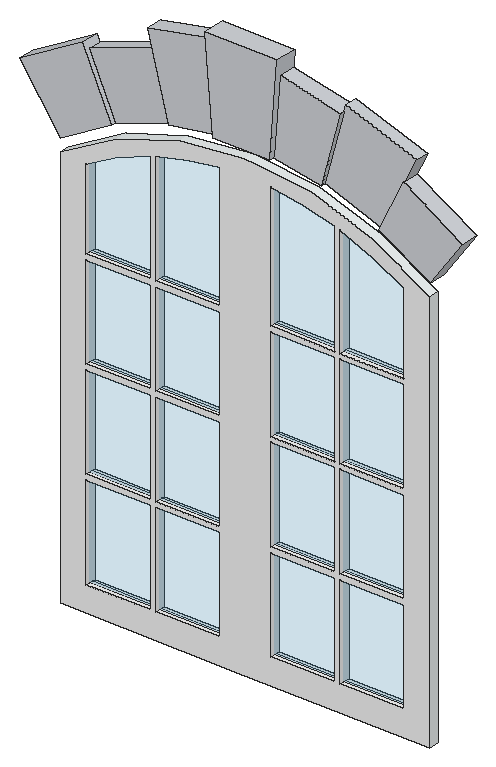
Revit family
Parameters (values of type "72" x 84"")
  painted = Door - Panel
  Thickness = 0' - 2"
  Model = "Twin Archtop"
  Manufacturer = "Anderson"
  Assembly Code = "C1020"
  Door Material = Door - Panel
  Frame Material = Door - Frame
  Height = 7' - 0"
  Muntin = 0' - 1"
  Trim Projection Ext = 0' - 1"
  Trim Projection Int = 0' - 1"
  Trim Width = 0' - 3"
  Wall Closure = (empty or 0)
  Width = 6' - 0"
Types (6): name | Height | Width
  72" x 78" | 6' - 6" | 6' - 0"
  72" x 82" | 6' - 10" | 6' - 0"
  68" x 80" | 6' - 8" | 5' - 8"
  68" x 84" | 7' - 0" | 5' - 8"
  72" x 84" | 7' - 0" | 6' - 0"
  72" x 78" 2 | 6' - 6" | 6' - 0"
Reference planes (in)
  plane 1: y = 0
  plane 2: z = 0
  plane 3 "Center": x = 0
  plane 4 "Left": x = -36
  plane 5 "Right": x = 36
  plane 6 "Top": z = 84
  plane 7: z = 82
  plane 8: z = 62.75
  plane 9: z = 61.75
  plane 10: z = 43.5
  plane 11: z = 42.5
  plane 12: z = 24.25
  plane 13: z = 81
  plane 14: z = 23.25
  plane 15: z = 5
  plane 16: x = 31
  plane 17: x = 18.5
  plane 18: x = 17.5
  plane 19: x = 5
  plane 20: x = -5
  plane 21: x = -17.5
  plane 22: x = -18.5
  plane 23: x = -31
  plane 24: x = 18
  plane 25: x = -18
Forms (in)
  Extrusion 1, solid, material "Door - Panel" <- "painted"
    sketch origin (36, 3, 78) x (0, 0, -1) y (-1, 0, 0)
      loop
        line (-0.8125, 0) -> (78, 0) -> (78, 36) -> (78, 72) -> (-0.8125, 72)
        arc (-0.8125, 72) -> (-12.2355, 36) -> (-0.8125, 0) r 62.43914
      loop
        line (-0.51136, 5) -> (15.25, 5) -> (15.25, 17.5) -> (-6.28319, 17.5)
        arc (-6.28319, 17.5) -> (-3.76043, 11.08232) -> (-0.51136, 5) r 59.43914
      loop
        line (-6.60095, 18.5) -> (15.25, 18.5) -> (15.25, 31) -> (-9.02483, 31)
        arc (-9.02483, 31) -> (-8.14857, 24.68491) -> (-6.60095, 18.5) r 59.43914
      loop
        line (16.25, 5) -> (34.5, 5) -> (34.5, 17.5) -> (16.25, 17.5) -> (16.25, 5)
      loop
        line (16.25, 18.5) -> (34.5, 18.5) -> (34.5, 31) -> (16.25, 31) -> (16.25, 18.5)
      loop
        line (35.5, 5) -> (53.75, 5) -> (53.75, 17.5) -> (35.5, 17.5) -> (35.5, 5)
      loop
        line (35.5, 18.5) -> (53.75, 18.5) -> (53.75, 31) -> (35.5, 31) -> (35.5, 18.5)
      loop
        line (54.75, 5) -> (73, 5) -> (73, 17.5) -> (54.75, 17.5) -> (54.75, 5)
      loop
        line (54.75, 18.5) -> (73, 18.5) -> (73, 31) -> (54.75, 31) -> (54.75, 18.5)
      loop
        line (-9.02483, 41) -> (15.25, 41) -> (15.25, 53.5) -> (-6.60095, 53.5)
        arc (-6.60095, 53.5) -> (-8.14857, 47.31509) -> (-9.02483, 41) r 59.43914
      loop
        line (16.25, 41) -> (34.5, 41) -> (34.5, 53.5) -> (16.25, 53.5) -> (16.25, 41)
      loop
        line (16.25, 67) -> (16.25, 54.5) -> (34.5, 54.5) -> (34.5, 67) -> (16.25, 67)
      loop
        line (35.5, 41) -> (53.75, 41) -> (53.75, 53.5) -> (35.5, 53.5) -> (35.5, 41)
      loop
        line (35.5, 67) -> (35.5, 54.5) -> (53.75, 54.5) -> (53.75, 67) -> (35.5, 67)
      loop
        line (54.75, 41) -> (73, 41) -> (73, 53.5) -> (54.75, 53.5) -> (54.75, 41)
      loop
        line (54.75, 54.5) -> (73, 54.5) -> (73, 67) -> (54.75, 67) -> (54.75, 54.5)
      loop
        line (15.25, 67) -> (-0.51136, 67)
        arc (-0.51136, 67) -> (-3.76043, 60.91768) -> (-6.28319, 54.5) r 59.43914
        line (-6.28319, 54.5) -> (15.25, 54.5) -> (15.25, 67)
    from 0 to -2
  Extrusion 2, solid, material "Glass"
    sketch origin (36, 3, 78) x (0, 0, -1) y (-1, 0, 0)
      loop
        line (-0.51136, 5) -> (15.25, 5) -> (15.25, 17.5) -> (-6.28319, 17.5)
        arc (-6.28319, 17.5) -> (-3.76043, 11.08232) -> (-0.51136, 5) r 59.43914
      loop
        line (-6.60095, 18.5) -> (15.25, 18.5) -> (15.25, 31) -> (-9.02483, 31)
        arc (-9.02483, 31) -> (-8.14857, 24.68491) -> (-6.60095, 18.5) r 59.43914
      loop
        line (-9.02483, 41) -> (15.25, 41) -> (15.25, 53.5) -> (-6.60095, 53.5)
        arc (-6.60095, 53.5) -> (-8.14857, 47.31509) -> (-9.02483, 41) r 59.43914
      loop
        line (15.25, 67) -> (-0.51136, 67)
        arc (-0.51136, 67) -> (-3.76043, 60.91768) -> (-6.28319, 54.5) r 59.43914
        line (-6.28319, 54.5) -> (15.25, 54.5) -> (15.25, 67)
      loop
        line (16.25, 67) -> (16.25, 54.5) -> (34.5, 54.5) -> (34.5, 67) -> (16.25, 67)
      loop
        line (16.25, 41) -> (34.5, 41) -> (34.5, 53.5) -> (16.25, 53.5) -> (16.25, 41)
      loop
        line (16.25, 18.5) -> (34.5, 18.5) -> (34.5, 31) -> (16.25, 31) -> (16.25, 18.5)
      loop
        line (16.25, 5) -> (34.5, 5) -> (34.5, 17.5) -> (16.25, 17.5) -> (16.25, 5)
      loop
        line (35.5, 5) -> (53.75, 5) -> (53.75, 17.5) -> (35.5, 17.5) -> (35.5, 5)
      loop
        line (35.5, 31) -> (35.5, 18.5) -> (53.75, 18.5) -> (53.75, 31) -> (35.5, 31)
      loop
        line (35.5, 41) -> (53.75, 41) -> (53.75, 53.5) -> (35.5, 53.5) -> (35.5, 41)
      loop
        line (35.5, 67) -> (35.5, 54.5) -> (53.75, 54.5) -> (53.75, 67) -> (35.5, 67)
      loop
        line (54.75, 5) -> (73, 5) -> (73, 17.5) -> (54.75, 17.5) -> (54.75, 5)
      loop
        line (54.75, 31) -> (54.75, 18.5) -> (73, 18.5) -> (73, 31) -> (54.75, 31)
      loop
        line (54.75, 41) -> (73, 41) -> (73, 53.5) -> (54.75, 53.5) -> (54.75, 41)
      loop
        line (54.75, 67) -> (54.75, 54.5) -> (73, 54.5) -> (73, 67) -> (54.75, 67)
    from -0.75 to -1.25
  Extrusion 3, solid
    sketch origin (36, 3, 84) x (0, 0, -1) y (-1, 0, 0)
      loop
        arc (-8.38551, 30.44966) -> (-8.63835, 36.0002) -> (-8.39676, 41.55125) r 62.43914
        line (-8.39676, 41.55125) -> (-26.36867, 42.99504) -> (-26.36867, 29.00496) -> (-8.38551, 30.44966)
    from -3 to 1.25143
  Extrusion 4, solid
    sketch origin (36, 4.25143, 84) x (0, 0, -1) y (-1, 0, 0)
      loop
        arc (-8.39676, 41.55125) -> (-7.79562, 46.28758) -> (-6.83435, 50.96414) r 62.43914
        line (-6.83435, 50.96414) -> (-22.38132, 55.05363) -> (-24.96836, 42.88254) -> (-8.39676, 41.55125)
      loop
        line (-8.38551, 30.44966) -> (-23.24815, 29.25565) -> (-20.71759, 17.35032) -> (-6.8231, 21.1171)
        arc (-6.8231, 21.1171) -> (-7.78135, 25.75374) -> (-8.38551, 30.44966) r 62.43914
    from -3.25143 to 0
  Extrusion 5, solid
    sketch origin (36, 4.25143, 84) x (0, 0, -1) y (-1, 0, 0)
      loop
        arc (-6.85656, 50.96998) -> (-5.18989, 56.5401) -> (-3.02347, 61.93553) r 63.85242
        line (-3.02347, 61.93553) -> (-14.30998, 67.07106) -> (-18.90415, 54.139) -> (-6.85656, 50.96998)
      loop
        line (-6.85656, 21.10803) -> (-22.03121, 16.9942) -> (-17.2395, 3.07805) -> (-3.02347, 9.97593)
        arc (-3.02347, 9.97593) -> (-5.19752, 15.45331) -> (-6.85656, 21.10803) r 63.75717
    from -2.50143 to 0
  Extrusion 6, solid
    sketch origin (36, 4.25143, 84) x (0, 0, -1) y (-1, 0, 0)
      loop
        arc (-3.02238, 61.93503) -> (-0.34491, 67.10008) -> (2.81715, 71.98352) r 60.39023
        line (2.81715, 71.98352) -> (-8.41541, 79.90987) -> (-15.54223, 67.63175) -> (-3.02238, 61.93503)
      loop
        line (-3.02238, 9.97646) -> (-13.08152, 5.09557) -> (-6.20772, -6.50638) -> (2.81715, -0.1379)
        arc (2.81715, -0.1379) -> (-0.34809, 4.77756) -> (-3.02238, 9.97646) r 60.29485
    from -3.25143 to 0
Lines and regions (in)
  Opening 1
    outline origin (-90, -3, 0) x (1, 0, 0) y (0, 0, 1)
      loop
        line (54, 0) -> (126, 0) -> (126, 78.8125)
        arc (126, 78.8125) -> (90, 90.2355) -> (54, 78.8125) r 62.43914
        line (54, 78.8125) -> (54, 0)
  symbolic lines, style "Plan Swing"
    curve 1: arc (0, 3, 0) -> (-10.54416, 28.45584, 0) -> (-36, 39, 0) r 36
    curve 2: arc (0, 3, 0) -> (9.84661, 27.73863, 0) -> (34, 38.9444, 0) r 36
  symbolic lines, style "DoorsPanelProjection"
    curve 3: line (-36, 3, 0) -> (-34, 3, 0)
    curve 4: line (-36, 3, 0) -> (-36, 39, 0)
    curve 5: line (-34, 3, 0) -> (-34, 38.9444, 0)
    curve 6: line (36, 3, 0) -> (34, 3, 0)
    curve 7: line (36, 3, 0) -> (36, 39, 0)
    curve 8: line (34, 3, 0) -> (34, 38.9444, 0)
    curve 11: line (-36, 39.01114, 0) -> (-34, 39.01114, 0)
    curve 12: line (34, 38.9444, 0) -> (36, 38.9444, 0)
  model lines, style "DoorsPanelProjection"
    curve 9: line (0, 3, 90.2355) -> (0, 3, 0)
    curve 10: line (0, 1, 84) -> (0, 1, 0)
  symbolic lines, style "Elevation Swing"
    curve 13: line (0, 0, 84) -> (36, 0, 42)
    curve 14: line (0, 0, 0) -> (36, 0, 42)
    curve 15: line (0, 0, 84) -> (-36, 0, 42)
    curve 16: line (0, 0, 0) -> (-36, 0, 42)
Text (in)
  text "Exterior" at (-58.67754, 27.31104, 0), in view "Floor Line"
  text "Interior" at (-58.34764, -25.14366, 0), in view "Floor Line"
  text "Exterior" at (0, 40.15149, 123.01588), in view "Right"
  text "Interior" at (0, -64.39139, 123.01588), in view "Right"
  text "Interior" at (0, -31.01599, 123.00693), in view "Left"
  text "Exterior" at (0, 54.57065, 123.00693), in view "Left"
Dimensions and locks (in)
  equal spacing: plane 4 "Left", plane 3 "Center", plane 5 "Right"
  "Height": plane 2 to plane 6 "Top"
  "Muntin": plane 13 to plane 7
  "Muntin": plane 9 to plane 8
  "Muntin": plane 11 to plane 10
  "Muntin": plane 14 to plane 12
  locked: host wall to plane 15 at 5
  locked: plane 7 to plane 6 "Top" at 2
  equal spacing: plane 15, plane 12, plane 10, plane 8, plane 7
  locked: plane 16 to plane 5 "Right" at 5
  locked: plane 23 to plane 4 "Left" at 5
  plane 19 to plane 3 "Center" to plane 20 = 0' - 5" locked, 0' - 5" locked
  "Muntin": plane 17 to plane 18
  "Muntin": plane 21 to plane 22
  equal spacing: plane 16, plane 24, plane 19
  equal spacing: plane 20, plane 25, plane 23
  equal spacing: plane 17, plane 24, plane 18
  equal spacing: plane 21, plane 25, plane 22
  locked: host wall to Extrusion 1 at 0
  locked: Extrusion 2 to Extrusion 2 at 0.5
  "Thickness": Extrusion 1 to Extrusion 1
  "Thickness": curve 8 to plane 5 "Right"
  "Thickness": plane 4 "Left" to curve 5
  "Width": plane 4 "Left" to plane 5 "Right"
  equal spacing: level, curve 14, plane 6 "Top"
  equal spacing: level, curve 16, plane 6 "Top"
  aligned and locked: plane 4 "Left" to Opening 1 sketch curve
  aligned and locked: Opening 1 sketch curve to plane 5 "Right"
  aligned and locked: Opening 1 sketch curve to level
  aligned and locked: plane 8 to Extrusion 1 sketch curve  (x3)
  aligned and locked: plane 17 to Extrusion 1 sketch curve  (x4)
  aligned and locked: plane 19 to Extrusion 1 sketch curve  (x4)
  aligned and locked: plane 16 to Extrusion 1 sketch curve  (x3)
  aligned and locked: plane 9 to Extrusion 1 sketch curve  (x3)
  aligned and locked: plane 10 to Extrusion 1 sketch curve  (x4)
  aligned and locked: plane 18 to Extrusion 1 sketch curve  (x3)
  aligned and locked: plane 11 to Extrusion 1 sketch curve  (x3)
  aligned and locked: plane 12 to Extrusion 1 sketch curve  (x4)
  aligned and locked: plane 14 to Extrusion 1 sketch curve  (x4)
  aligned and locked: plane 15 to Extrusion 1 sketch curve  (x3)
  aligned and locked: plane 21 to Extrusion 1 sketch curve  (x4)
  aligned and locked: plane 20 to Extrusion 1 sketch curve  (x3)
  aligned and locked: plane 23 to Extrusion 1 sketch curve  (x4)
  aligned and locked: Extrusion 1 sketch curve to plane 9
  aligned and locked: plane 22 to Extrusion 1 sketch curve  (x3)
  aligned and locked: Extrusion 1 sketch curve to plane 11
  aligned and locked: Extrusion 1 sketch curve to plane 8
  aligned and locked: Extrusion 2 sketch curve to Extrusion 1  (x54)
  aligned and locked: host wall to Extrusion 1
  aligned and locked: curve 3 to Extrusion 1
  aligned and locked: curve 6 to Extrusion 1
  aligned and locked: curve 9 to curve 10
Automatic sketch dimensions
  curve 11 to plane 4 "Left" = 0' - 0"
  curve 1 to plane 4 "Left" = 0' - 0"
  curve 1 to plane 3 "Center" = 0' - 0"
  curve 2 to plane 3 "Center" = 0' - 0"
  curve 2 to plane 5 "Right" = 0' - 0"
  curve 6 to plane 5 "Right" = 0' - 0"
  curve 12 to plane 5 "Right" = 0' - 0"
  curve 11 to curve 5 = 0' - 0"
  curve 12 to curve 2 = 0' - 0"  (x2)
  curve 12 to curve 7 = 0' - 0.0556"
  curve 5 to curve 11 = 0' - 0.06674"
  curve 1 to host wall = 0' - 0"
  Extrusion 1 sketch curve to Extrusion 1 sketch curve = 0' - 0"  (x8)
  Extrusion 1 sketch curve to plane 20 = 0' - 0"
  Extrusion 1 sketch curve to plane 18 = 0' - 0"
  Extrusion 1 sketch curve to plane 22 = 0' - 0"
  Extrusion 1 sketch curve to plane 5 "Right" = 0' - 0"
  Extrusion 1 sketch curve to plane 4 "Left" = 0' - 0"
  Extrusion 1 sketch curve to plane 16 = 0' - 0"
  Extrusion 1 sketch curve to plane 3 "Center" = 0' - 0"  (x2)
  Extrusion 1 sketch curve to plane 15 = 0' - 0"
  Extrusion 1 sketch curve to level = 0' - 0"
  plane 13 to Extrusion 1 sketch curve = 0' - 2.48864"
  plane 13 to Extrusion 1 sketch curve = 0' - 2 3/16"
  Extrusion 1 sketch curve to plane 6 "Top" = 0' - 3.02483"  (x2)
  Extrusion 1 sketch curve to Extrusion 1 sketch curve = 0' - 2.42388"
  Extrusion 1 sketch curve to plane 6 "Top" = 0' - 0.28319"
  Extrusion 2 sketch curve to Extrusion 1 = 0' - 0"  (x7)
  Extrusion 2 sketch curve to Extrusion 2 sketch curve = 0' - 0"  (x2)
  Opening 1 sketch curve to plane 3 "Center" = 0' - 0"
  Opening 1 sketch curve to plane 12 = 0' - 3.54637"
  plane 13 to Opening 1 sketch curve = 0' - 2 3/16"
  Extrusion 1 to Extrusion 3 sketch curve = 0' - 0.55034"
  Extrusion 1 to Extrusion 3 sketch curve = 0' - 0.55125"
  Extrusion 1 to Extrusion 3 sketch curve = 0' - 1.99504"  (x2)
  Extrusion 3 sketch curve to Extrusion 3 sketch curve = 1' - 5.98317"
  Extrusion 4 sketch curve to Extrusion 3 = 0' - 0"  (x4)
  Extrusion 4 sketch curve to Extrusion 3 = 0' - 5.65108"
  Extrusion 4 sketch curve to Extrusion 3 = 0' - 3.98735"
  Extrusion 4 sketch curve to Extrusion 3 = 0' - 3.12052"
  Extrusion 4 sketch curve to Extrusion 3 = 0' - 1.40031"
  Extrusion 4 sketch curve to Extrusion 4 sketch curve = 0' - 1.5624"  (x2)
  Extrusion 4 sketch curve to Extrusion 4 sketch curve = 0' - 11.90533"
  Extrusion 4 sketch curve to Extrusion 4 sketch curve = 1' - 0.17109"
  Extrusion 5 sketch curve to Extrusion 4 = 0' - 0"  (x4)
  Extrusion 4 to Extrusion 5 sketch curve = 0' - 1.35896"
  Extrusion 5 sketch curve to Extrusion 5 sketch curve = 0' - 3.12706"
  Extrusion 5 sketch curve to Extrusion 5 sketch curve = 0' - 4.79172"
  Extrusion 5 sketch curve to Extrusion 5 sketch curve = 0' - 4.59417"
  Extrusion 5 sketch curve to Extrusion 5 sketch curve = 1' - 3.17465"
  Extrusion 5 sketch curve to Extrusion 5 sketch curve = 1' - 0.04759"
  Extrusion 5 sketch curve to Extrusion 5 sketch curve = 0' - 3.83309"  (x2)
  Extrusion 5 sketch curve to Extrusion 5 sketch curve = 4' - 10.10953"
  Extrusion 5 sketch curve to Extrusion 5 sketch curve = 0' - 0"
  Extrusion 5 sketch curve to Extrusion 5 sketch curve = 0' - 11.1321"
  Extrusion 5 sketch curve to Extrusion 5 sketch curve = 1' - 1.91616"
  Extrusion 5 sketch curve to Extrusion 5 sketch curve = 0' - 0.74043"
  Extrusion 5 sketch curve to Extrusion 5 sketch curve = 0' - 5.13553"
  Extrusion 6 sketch curve to Extrusion 5 = 0' - 0"  (x4)
  Extrusion 5 to Extrusion 6 sketch curve = 0' - 1.34885"
  Extrusion 6 sketch curve to Extrusion 6 sketch curve = 0' - 2.46071"
  Extrusion 6 sketch curve to Extrusion 6 sketch curve = 0' - 7.12681"
  Extrusion 6 sketch curve to Extrusion 6 sketch curve = 0' - 6.8738"
  Extrusion 6 sketch curve to Extrusion 6 sketch curve = 0' - 10.05914"
  Extrusion 6 sketch curve to Extrusion 6 sketch curve = 1' - 0.51985"
  Extrusion 6 sketch curve to Extrusion 6 sketch curve = 0' - 9.02486"
  Extrusion 6 sketch curve to Extrusion 6 sketch curve = 0' - 5.83953"
  Extrusion 6 sketch curve to Extrusion 6 sketch curve = 4' - 1.05164"
  Extrusion 6 sketch curve to Extrusion 6 sketch curve = 0' - 0"
  Extrusion 6 sketch curve to Extrusion 6 sketch curve = 0' - 10.11436"
  Extrusion 6 sketch curve to Extrusion 6 sketch curve = 0' - 6.36848"
  Extrusion 6 sketch curve to Extrusion 6 sketch curve = 0' - 1.83188"
  Extrusion 6 sketch curve to Extrusion 6 sketch curve = 0' - 7.92636"
  curve 9 to plane 3 "Center" = 0' - 0"
  curve 10 to plane 6 "Top" = 0' - 0"
  curve 15 to plane 3 "Center" = 0' - 0"
  curve 15 to plane 6 "Top" = 0' - 0"
  curve 9 to level = 0' - 0"
  curve 16 to level = 0' - 0"
  curve 10 to level = 0' - 0"
  curve 15 to plane 4 "Left" = 0' - 0"
  curve 16 to plane 3 "Center" = 0' - 0"
  curve 13 to plane 5 "Right" = 0' - 0"
  curve 9 to plane 6 "Top" = 0' - 6.2355"
  radius of Extrusion 2 sketch curve to Extrusion 1 = 0' - 0"  (x3)
  radius of Extrusion 3 sketch curve to Extrusion 1 = 0' - 0"
  radius of Extrusion 4 sketch curve to Extrusion 3 = 0' - 0"  (x2)
